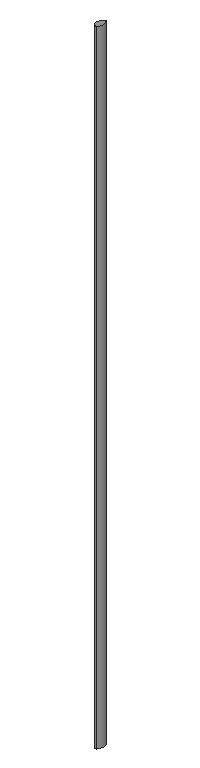
Revit family "Legrand Benelux Ovaline Column", category Installations électriques, Revit 2020
Family settings
  Conserver l'orientation des annotations = Non
  Cote de connecteur circulaire = Utiliser le diamètre
  Type d'élément = Normal
  Basée sur le plan de construction = Non
  Toujours verticalement = Oui
  Couper avec des vides une fois chargée = Non
  Partagée = Non
  Point de calcul de pièce = Non
Parameters (values of type "Tube Ovaline Column 3,2M")
  Standard = "Ovaline"
  Number of compartments = "Other"
  Modèle = "LG-653055"
  Main Material = "Aluminum"
  H1 [instance] = 3200 mm
  Finishing = "Aluminum"
  Fabricant = "LEGRAND"
  Elévation par défaut = 0 mm
  Description = "tube ovaline Column 3,2m"
  Caps Haut [instance] = and(Caps, H1 > 3199 mm)  # no
  Caps = no
Types (2, lengths in mm): name | Modèle | Description | Caps Haut | Caps
  Full Ovaline Column 3,2M | "LG-653054" | "full ovaline Column 3,2m  partition wall, cable output, fixing bracket" | yes | yes
  Tube Ovaline Column 3,2M | "LG-653055" | "tube ovaline Column 3,2m" | no | no
Reference planes
  plane 1 "Centre (avant/arrière)": y = 0
  plane 2: z = 0
  plane 3 "Centre (gauche/droite)": x = 0
  plane 4: z = 3200
  plane 5 "Bas Corps": z = 90
  plane 6 "Haut corps": z = 3110
  plane 7: z = 3200
  plane 8: z = 3201
Forms (mm)
  Extrusion 1, solid, material "Legrand - Aluminium gris"
    sketch origin (0, 0, 0) x (1, 0, 0) y (0, 1, 0)
      loop
        arc (-5, 27.5) -> (-16.5, 0) -> (-5, -27.5) r 38.63
        line (-5, -27.5) -> (5, -27.5)
        arc (5, -27.5) -> (16.5, 0) -> (5, 27.5) r 38.63
        line (5, 27.5) -> (-5, 27.5)
    from 0 to 3200
  Blend 2, solid, material "Legrand - PVC  Gris", visible <- "Caps"
    base sketch origin (0, 0, 0) x (1, 0, 0) y (0, 1, 0)
      loop
        arc (-10, 60) -> (-27.5, 0) -> (-10, -60) r 111.607
        arc (-10, -60) -> (0, -65) -> (10, -60) r 12.5
        arc (10, -60) -> (27.5, 0) -> (10, 60) r 111.607
        arc (10, 60) -> (0, 65) -> (-10, 60) r 12.5
    top sketch origin (0, 0, 0) x (1, 0, 0) y (0, 1, 0)
      loop
        arc (-6.405, -28.924) -> (0, -31.551) -> (6.405, -28.924) r 9.119
        arc (6.405, -28.924) -> (18.5, 0) -> (6.405, 28.924) r 40.63
        arc (6.405, 28.924) -> (0, 31.551) -> (-6.405, 28.924) r 9.119
        arc (-6.405, 28.924) -> (-18.5, 0) -> (-6.405, -28.924) r 40.63
    from 0 to 90
  Blend 3, solid, material "Legrand - PVC  Gris", visible <- "Caps Haut"
    base sketch origin (0, 0, 2700) x (0, -1, 0) y (1, 0, 0)
      loop
        arc (-60, -10) -> (0, -27.5) -> (60, -10) r 111.607
        arc (60, -10) -> (65, 0) -> (60, 10) r 12.5
        arc (60, 10) -> (0, 27.5) -> (-60, 10) r 111.607
        arc (-60, 10) -> (-65, 0) -> (-60, -10) r 12.5
    top sketch origin (0, 0, 2700) x (0, -1, 0) y (1, 0, 0)
      loop
        arc (28.924, -6.405) -> (31.551, 0) -> (28.924, 6.405) r 9.119
        arc (28.924, 6.405) -> (0, 18.5) -> (-28.924, 6.405) r 40.63
        arc (-28.924, 6.405) -> (-31.551, 0) -> (-28.924, -6.405) r 9.119
        arc (-28.924, -6.405) -> (0, -18.5) -> (28.924, -6.405) r 40.63
    from 500 to 410
  Extrusion 4, void
    sketch origin (0, 0, 0) x (1, 0, 0) y (0, 1, 0)
      loop
        line (-21.183, 49.931) -> (-21.183, -50.069) -> (23.817, -50.069) -> (23.817, 49.931) -> (-21.183, 49.931)
    from 3200 to 3201
Cuts and joins
  Extrusion 4 cuts Extrusion 1
  Extrusion 4 cuts Blend 2
Dimensions and locks
  locked: plane 5 "Bas Corps" to plane 2 at 90
  locked: plane 4 to plane 6 "Haut corps" at 90
  locked: plane 8 to plane 4 at 1
  "H1": plane 7 to plane 2
  aligned and locked: level to plane 2
  aligned and locked: plane 5 "Bas Corps" to Blend 2
  aligned and locked: Blend 3 to plane 6 "Haut corps"
  aligned and locked: plane 4 to Blend 3
  aligned and locked: Extrusion 4 to plane 7
  aligned and locked: plane 8 to Extrusion 4
  aligned and locked: plane 4 to Extrusion 1
  aligned and locked: Extrusion 1 to level
Automatic sketch dimensions
  plane 1 "Centre (avant/arrière)" to Extrusion 1 sketch curve = 0 mm  (x2)
  Extrusion 1 sketch curve to plane 3 "Centre (gauche/droite)" = 22.13 mm
  Extrusion 1 sketch curve to plane 3 "Centre (gauche/droite)" = 5 mm  (x2)
  plane 3 "Centre (gauche/droite)" to Extrusion 1 sketch curve = 5 mm
  plane 3 "Centre (gauche/droite)" to Extrusion 1 sketch curve = 22.13 mm
  plane 1 "Centre (avant/arrière)" to Extrusion 1 sketch curve = 27.5 mm
  plane 1 "Centre (avant/arrière)" to Blend 2 sketch curve = 0 mm  (x4)
  Blend 2 sketch curve to plane 3 "Centre (gauche/droite)" = 0 mm  (x4)
  Blend 2 sketch curve to plane 3 "Centre (gauche/droite)" = 84.107 mm
  plane 3 "Centre (gauche/droite)" to Blend 2 sketch curve = 84.107 mm
  plane 1 "Centre (avant/arrière)" to Blend 2 sketch curve = 52.5 mm
  Blend 2 sketch curve to plane 1 "Centre (avant/arrière)" = 52.5 mm
  Blend 2 sketch curve to plane 3 "Centre (gauche/droite)" = 10 mm  (x2)
  plane 3 "Centre (gauche/droite)" to Blend 2 sketch curve = 10 mm
  Blend 2 sketch curve to Blend 2 sketch curve = 7.5 mm
  Blend 2 sketch curve to plane 3 "Centre (gauche/droite)" = 22.13 mm
  plane 3 "Centre (gauche/droite)" to Blend 2 sketch curve = 22.13 mm
  plane 1 "Centre (avant/arrière)" to Blend 2 sketch curve = 22.432 mm
  Blend 2 sketch curve to plane 1 "Centre (avant/arrière)" = 22.432 mm
  Blend 2 sketch curve to plane 3 "Centre (gauche/droite)" = 6.405 mm  (x2)
  Blend 2 sketch curve to Blend 2 sketch curve = 0 mm  (x2)
  Blend 3 sketch curve to plane 3 "Centre (gauche/droite)" = 0 mm  (x4)
  plane 1 "Centre (avant/arrière)" to Blend 3 sketch curve = 0 mm  (x4)
  Blend 3 sketch curve to plane 1 "Centre (avant/arrière)" = 52.5 mm
  plane 1 "Centre (avant/arrière)" to Blend 3 sketch curve = 52.5 mm
  Blend 3 sketch curve to plane 3 "Centre (gauche/droite)" = 84.107 mm
  plane 3 "Centre (gauche/droite)" to Blend 3 sketch curve = 84.107 mm
  Blend 3 sketch curve to Blend 3 sketch curve = 7.5 mm  (x3)
  Blend 3 sketch curve to plane 3 "Centre (gauche/droite)" = 10 mm
  Blend 3 sketch curve to plane 1 "Centre (avant/arrière)" = 22.432 mm
  plane 1 "Centre (avant/arrière)" to Blend 3 sketch curve = 22.432 mm
  Blend 3 sketch curve to plane 3 "Centre (gauche/droite)" = 22.13 mm
  plane 3 "Centre (gauche/droite)" to Blend 3 sketch curve = 22.13 mm
  plane 3 "Centre (gauche/droite)" to Blend 3 sketch curve = 6.405 mm
  Blend 3 sketch curve to plane 3 "Centre (gauche/droite)" = 6.405 mm
  Blend 3 sketch curve to Blend 3 sketch curve = 0 mm  (x2)
  Extrusion 4 sketch curve to plane 3 "Centre (gauche/droite)" = 21.183 mm
  plane 3 "Centre (gauche/droite)" to Extrusion 4 sketch curve = 23.817 mm
  plane 1 "Centre (avant/arrière)" to Extrusion 4 sketch curve = 50.069 mm
  Extrusion 4 sketch curve to plane 1 "Centre (avant/arrière)" = 49.931 mm
